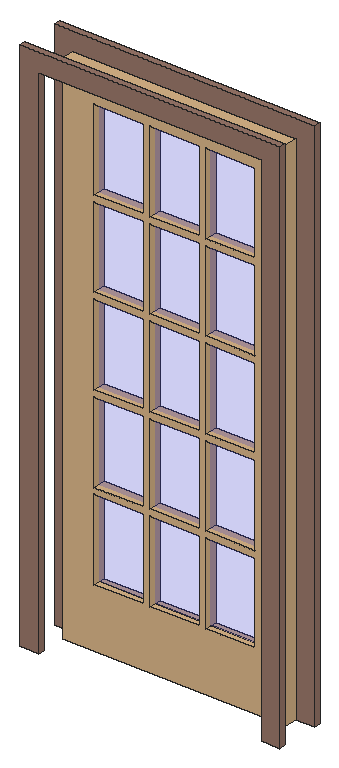
Revit family "0060_M_DR_W_single-glass 2", category 문, Revit 2026
Family settings
  호스트 = 벽
  항상 수직 = 예
  로드될 때 보이드를 사용하여 절단 = 아니오
  공유 = 아니오
  룸 계산 점 = 아니오
Parameters (values of type "36" x 84"")
  두께 = 0' - 2"
  기능 = 내부
  Muntin = 0' - 1"
  조합 코드 = "C1020"
  Door Material = Door - Panel
  Frame Material = Door - Frame
  Height = 7' - 0"
  Rail Width - Base = 0' - 9 1/2"
  Rail Width - Top = 0' - 5"
  Stile Width - Hinge = 0' - 5"
  Stile Width - Latch = 0' - 5"
  Trim Projection Ext = 0' - 1"
  Trim Projection Int = 0' - 1"
  Trim Width = 0' - 3"
  벽 마무리 = 호스트별
  Width = 3' - 0"
Types (8): name | 두께 | Muntin | 조합 코드 | Height | Rail Width - Base | Rail Width - Top | Stile Width - Hinge | Stile Width - Latch | Trim Projection Ext | Trim Projection Int | Trim Width | Width
  36" x 84" | 0' - 2" | 0' - 1" | "C1020" | 7' - 0" | 0' - 9 1/2" | 0' - 5" | 0' - 5" | 0' - 5" | 0' - 1" | 0' - 1" | 0' - 3" | 3' - 0"
  34" x 84" | 0' - 2" | 0' - 1" | "C1020" | 7' - 0" | 0' - 9 1/2" | 0' - 5" | 0' - 5" | 0' - 5" | 0' - 1" | 0' - 1" | 0' - 3" | 2' - 10"
  32" x 84" | 0' - 2" | 0' - 1" | "C1020" | 7' - 0" | 0' - 9 1/2" | 0' - 5" | 0' - 5" | 0' - 5" | 0' - 1" | 0' - 1" | 0' - 3" | 2' - 8"
  30" x 84" | 0' - 2" | 0' - 1" | "C1020" | 7' - 0" | 0' - 9 1/2" | 0' - 5" | 0' - 5" | 0' - 5" | 0' - 1" | 0' - 1" | 0' - 3" | 2' - 6"
  30" x 80" | 0' - 2" | 0' - 1" | "C1020" | 6' - 8" | 0' - 9 1/2" | 0' - 5" | 0' - 5" | 0' - 5" | 0' - 1" | 0' - 1" | 0' - 3" | 2' - 6"
  36" x 80" | 0' - 2" | 0' - 1" | "C1020" | 6' - 8" | 0' - 9 1/2" | 0' - 5" | 0' - 5" | 0' - 5" | 0' - 1" | 0' - 1" | 0' - 3" | 3' - 0"
  34" x 80" | 0' - 2" | 0' - 1" | "C1020" | 6' - 8" | 0' - 9 1/2" | 0' - 5" | 0' - 5" | 0' - 5" | 0' - 1" | 0' - 1" | 0' - 3" | 2' - 10"
  0915 x 2134mm | 0' - 1.9685" | 0' - 1.37795" | 0' - 0" | 7' - 0.01575" | 0' - 9.44882" | 0' - 4.92126" | 0' - 4.92126" | 0' - 4.92126" | 0' - 0.98425" | 0' - 0.98425" | 0' - 2.95276" | 3' - 0.02362"
Reference planes (in)
  plane 1: y = 0
  plane 2: z = 0
  plane 3: x = 0
  plane 4: x = -18
  plane 5: x = 18
  plane 6: z = 84
  plane 7: y = 2.125
  plane 8: z = 79
  plane 9: z = 9.5
  plane 10: x = -13
  plane 11: x = 13
  plane 12: x = 4
  plane 13: x = -5
  plane 14: x = -14
  plane 15: x = 5
  plane 16: x = -4
  plane 17: z = 65.9
  plane 18: z = 64.9
  plane 19: z = 51.8
  plane 20: z = 50.8
  plane 21: z = 37.7
  plane 22: z = 36.7
  plane 23: z = 23.6
  plane 24: z = 22.6
  plane 25: z = 80
Forms (in)
  Extrusion 1, solid, material "Door - Panel" <- "Door Material"
    sketch origin (0, 0, 0) x (1, 0, 0) y (0, 0, 1)
      loop
        line (-18, 84) -> (-18, 0) -> (18, 0) -> (18, 84) -> (-18, 84)
      loop
        line (13, 79) -> (5, 79) -> (5, 65.9) -> (13, 65.9) -> (13, 79)
      loop
        line (13, 9.5) -> (13, 22.6) -> (5, 22.6) -> (5, 9.5) -> (13, 9.5)
      loop
        line (-13, 79) -> (-13, 65.9) -> (-5, 65.9) -> (-5, 79) -> (-13, 79)
      loop
        line (4, 9.5) -> (4, 22.6) -> (-4, 22.6) -> (-4, 9.5) -> (4, 9.5)
      loop
        line (-4, 79) -> (-4, 65.9) -> (4, 65.9) -> (4, 79) -> (-4, 79)
      loop
        line (13, 64.9) -> (5, 64.9) -> (5, 51.8) -> (13, 51.8) -> (13, 64.9)
      loop
        line (13, 37.7) -> (13, 50.8) -> (5, 50.8) -> (5, 37.7) -> (13, 37.7)
      loop
        line (13, 36.7) -> (5, 36.7) -> (5, 23.6) -> (13, 23.6) -> (13, 36.7)
      loop
        line (-5, 9.5) -> (-5, 22.6) -> (-13, 22.6) -> (-13, 9.5) -> (-5, 9.5)
      loop
        line (-13, 36.7) -> (-13, 23.6) -> (-5, 23.6) -> (-5, 36.7) -> (-13, 36.7)
      loop
        line (4, 23.6) -> (4, 36.7) -> (-4, 36.7) -> (-4, 23.6) -> (4, 23.6)
      loop
        line (4, 37.7) -> (4, 50.8) -> (-4, 50.8) -> (-4, 37.7) -> (4, 37.7)
      loop
        line (-5, 37.7) -> (-5, 50.8) -> (-13, 50.8) -> (-13, 37.7) -> (-5, 37.7)
      loop
        line (4, 51.8) -> (4, 64.9) -> (-4, 64.9) -> (-4, 51.8) -> (4, 51.8)
      loop
        line (-5, 51.8) -> (-5, 64.9) -> (-13, 64.9) -> (-13, 51.8) -> (-5, 51.8)
    from -3 to -1
  Extrusion 2, solid, material "Glass"
    sketch origin (0, 0, 0) x (1, 0, 0) y (0, 0, 1)
      loop
        line (13, 79) -> (-13, 79) -> (-13, 9.5) -> (13, 9.5) -> (13, 79)
    from -1.875 to -2.125
  Extrusion 3, solid, material "Door - Frame" <- "Frame Material"
    sketch origin (-84.47493, 3, 0) x (-1, 0, 0) y (0, 0, 1)
      loop
        line (-102.47493, 0) -> (-102.47493, 84) -> (-66.47493, 84) -> (-66.47493, 0) -> (-63.47493, 0) -> (-63.47493, 87) -> (-105.47493, 87) -> (-105.47493, 0) -> (-102.47493, 0)
    from 0 to 1
  Extrusion 4, solid, material "Door - Frame" <- "Frame Material"
    sketch origin (-84.47493, -3, 0) x (1, 0, 0) y (0, 0, 1)
      loop
        line (102.47493, 0) -> (105.47493, 0) -> (105.47493, 87) -> (63.47493, 87) -> (63.47493, 0) -> (66.47493, 0) -> (66.47493, 84) -> (102.47493, 84) -> (102.47493, 0)
    from 0 to 1
Lines and regions (in)
  Opening 1
    outline origin (-60, -3, 144) x (0, 0, -1) y (1, 0, 0)
      loop
        line (60, 42) -> (144, 42) -> (144, 78) -> (60, 78) -> (60, 42)
  symbolic lines, style "DoorsPanelProjection"
    curve 1: line (18, 3, 0) -> (16, 3, 0)
    curve 2: line (18, 3, 0) -> (18, 8, 0)
    curve 3: line (18, 39, 0) -> (16, 39, 0)
    curve 4: line (16, 3, 0) -> (16, 8, 0)
    curve 10: line (16, 34, 0) -> (18, 34, 0)
    curve 11: line (16, 8, 0) -> (18, 8, 0)
    curve 13: line (16, 34, 0) -> (16, 39, 0)
    curve 14: line (18, 34, 0) -> (18, 39, 0)
    curve 15: line (16, 8, 0) -> (16, 34, 0)
    curve 16: line (18, 8, 0) -> (18, 34, 0)
  symbolic lines, style "Plan Swing"
    curve 5: arc (18, 39, 0) -> (-7.45584, 28.45584, 0) -> (-18, 3, 0) r 36
  symbolic lines, style "DoorsGlassProjection"
    curve 6: line (13, 0, 79) -> (13, 0, 9.5)
    curve 7: line (13, 0, 79) -> (-13, 0, 79)
    curve 8: line (-13, 0, 79) -> (-13, 0, 9.5)
    curve 9: line (13, 0, 9.5) -> (-13, 0, 9.5)
    curve 12: line (17, 34, 0) -> (17, 8, 0)
  symbolic lines, style "Elevation Swing"
    curve 17: line (-18, 0, 0) -> (18, 0, 42)
    curve 18: line (18, 0, 42) -> (-18, 0, 84)
Dimensions and locks (in)
  equal spacing: plane 4, plane 3, plane 5
  "Width": plane 4 to plane 5
  host wall to curve 1 = 0' - 0"
  control icon elem to host wall = 1' - 6"
  control icon elem to plane 5 = 1' - 0"
  "Height": plane 6 to plane 2
  "Stile Width - Latch": curve 10 to curve 3
  "Stile Width - Hinge": curve 1 to curve 11
  equal spacing: plane 2, curve 17, plane 6
  "Width": curve 3 to host wall
  "Trim Width": Extrusion 3 sketch curve to Extrusion 1  (x3)
  "Trim Width": plane 4 to Extrusion 4 sketch curve
  "Trim Width": plane 5 to Extrusion 4 sketch curve
  "Trim Width": plane 6 to Extrusion 4 sketch curve
  "Trim Projection Int": Extrusion 4 to Extrusion 4
  locked: host wall to Extrusion 3
  locked: host wall to Extrusion 1
  "두께": curve 15 to plane 5
  equal spacing: curve 15, curve 12, plane 5
  "두께": Extrusion 1 to host wall
  "Trim Projection Ext": Extrusion 3 to host wall
  locked: host wall to plane 7 at 0.875
  locked: Extrusion 2 to Extrusion 2 at 0.25
  "Stile Width - Hinge": plane 11 to plane 5
  "Stile Width - Latch": plane 10 to plane 4
  "Rail Width - Base": plane 2 to plane 9
  "Rail Width - Top": plane 8 to plane 6
  equal spacing: plane 11, plane 12, plane 13, plane 14
  "Muntin": plane 10 to plane 14
  "Muntin": plane 16 to plane 13
  "Muntin": plane 15 to plane 12
  "Muntin": plane 8 to plane 25
  "Muntin": plane 18 to plane 17
  "Muntin": plane 20 to plane 19
  "Muntin": plane 22 to plane 21
  "Muntin": plane 24 to plane 23
  equal spacing: plane 9, plane 23, plane 21, plane 19, plane 17, plane 25
  aligned and locked: curve 6 to Extrusion 1 sketch curve
  aligned and locked: Extrusion 1 sketch curve to curve 6
  aligned and locked: curve 7 to Extrusion 2 sketch curve
  aligned and locked: curve 6 to Extrusion 2 sketch curve
  aligned and locked: Extrusion 2 sketch curve to curve 7
  aligned and locked: Extrusion 2 sketch curve to curve 6
  aligned and locked: host wall to Extrusion 1  (x3)
  aligned and locked: Extrusion 3 sketch curve to curve 1
  aligned and locked: plane 6 to Extrusion 3 sketch curve
  aligned and locked: Extrusion 3 sketch curve to plane 2
  aligned and locked: plane 2 to Extrusion 3 sketch curve
  aligned and locked: plane 5 to Extrusion 3 sketch curve
  aligned and locked: Extrusion 3 to host wall  (x3)
  aligned and locked: Extrusion 4 sketch curve to curve 1
  aligned and locked: plane 6 to Extrusion 4 sketch curve
  aligned and locked: plane 2 to Extrusion 4 sketch curve  (x2)
  aligned and locked: level to Extrusion 4 sketch curve
  aligned and locked: Extrusion 4 to host wall
  aligned and locked: curve 4 to curve 13
  aligned and locked: plane 5 to curve 16
  aligned and locked: curve 2 to plane 5
  aligned and locked: Extrusion 3 sketch curve to Extrusion 1
  aligned and locked: Extrusion 4 sketch curve to Extrusion 1
  aligned and locked: Extrusion 1 to Extrusion 4 sketch curve
  aligned and locked: Extrusion 2 to plane 7
  aligned and locked: Extrusion 1 sketch curve to plane 11
  aligned and locked: Extrusion 1 sketch curve to plane 10
  aligned and locked: Extrusion 1 sketch curve to plane 12
  aligned and locked: plane 15 to Extrusion 1 sketch curve
  aligned and locked: plane 13 to Extrusion 1 sketch curve
  aligned and locked: plane 16 to Extrusion 1 sketch curve
  aligned and locked: plane 23 to Extrusion 1 sketch curve
  aligned and locked: plane 24 to Extrusion 1 sketch curve
  aligned and locked: plane 22 to Extrusion 1 sketch curve
  aligned and locked: plane 21 to Extrusion 1 sketch curve
  aligned and locked: plane 18 to Extrusion 1 sketch curve
  aligned and locked: Extrusion 1 sketch curve to plane 17
  aligned and locked: Extrusion 1 sketch curve to Extrusion 1 sketch curve  (x2)
Automatic sketch dimensions
  Opening 1 sketch curve to plane 6 = 0' - 0"
  Opening 1 sketch curve to level = 0' - 0"
  Opening 1 sketch curve to plane 4 = 0' - 0"
  Opening 1 sketch curve to plane 5 = 0' - 0"
  curve 18 to plane 4 = 0' - 0"
  curve 18 to plane 6 = 0' - 0"
  curve 17 to level = 0' - 0"
  curve 17 to plane 4 = 0' - 0"
  curve 18 to plane 5 = 0' - 0"
  Extrusion 4 sketch curve to plane 5 = 0' - 0"
  curve 5 to plane 4 = 0' - 0"
  curve 8 to plane 10 = 0' - 0"
  curve 7 to plane 11 = 0' - 0"
  curve 7 to plane 8 = 0' - 0"
  curve 8 to plane 9 = 0' - 0"
  Extrusion 1 sketch curve to level = 0' - 0"
  Extrusion 1 sketch curve to plane 4 = 0' - 0"
  Extrusion 1 sketch curve to plane 10 = 0' - 0"  (x4)
  Extrusion 1 sketch curve to plane 13 = 0' - 0"  (x4)
  Extrusion 1 sketch curve to plane 9 = 0' - 0"  (x2)
  Extrusion 1 sketch curve to plane 16 = 0' - 0"  (x4)
  Extrusion 1 sketch curve to plane 12 = 0' - 0"  (x4)
  Extrusion 1 sketch curve to plane 15 = 0' - 0"  (x4)
  Extrusion 1 sketch curve to plane 11 = 0' - 0"  (x4)
  Extrusion 1 sketch curve to plane 5 = 0' - 0"
  Extrusion 1 sketch curve to plane 24 = 0' - 0"  (x2)
  Extrusion 1 sketch curve to plane 23 = 0' - 0"  (x2)
  Extrusion 1 sketch curve to plane 22 = 0' - 0"  (x2)
  Extrusion 1 sketch curve to plane 21 = 0' - 0"  (x2)
  Extrusion 1 sketch curve to plane 20 = 0' - 0"  (x3)
  Extrusion 1 sketch curve to plane 19 = 0' - 0"  (x3)
  Extrusion 1 sketch curve to plane 18 = 0' - 0"  (x2)
  Extrusion 1 sketch curve to plane 8 = 0' - 0"  (x2)
  Extrusion 1 sketch curve to plane 6 = 0' - 0"
